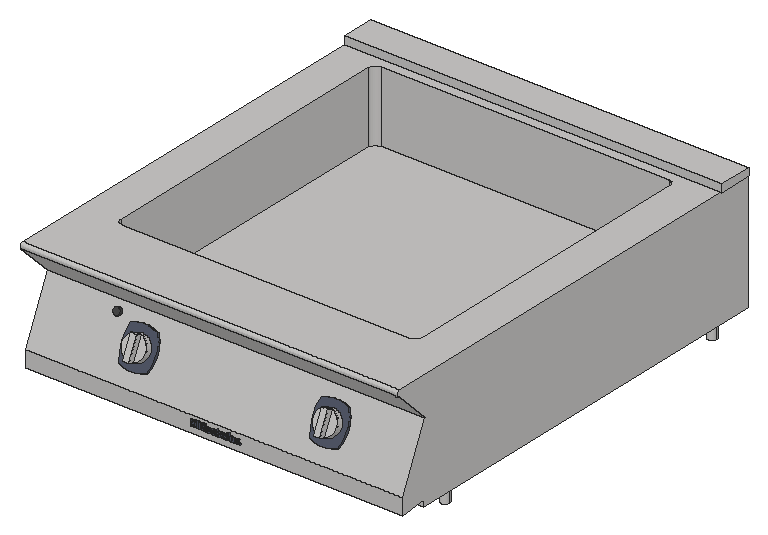
Revit family "QF_ELECTROLUXPROFESSIONAL_391125_E9BMEHB000", category Specialty Equipment, Revit 2018
Family settings
  Round Connector Dimension = Use Diameter
  Part Type = Normal
  Work Plane-Based = No
  Always vertical = Yes
  Cut with Voids When Loaded = No
  Shared = No
  Room Calculation Point = No
Parameters
  Width = 800 mm  # constant formula
  Weight in Pounds = 45  # constant formula
  Watts = 0 W
  Waste Water Discharge Temperature [instance] = -459.67 °F
  Volts = 400 V  # constant formula
  URL Cutsheet = "www.electrolux.com"
  URL = "www.electrolux.com"
  Type Mark [instance] = ""
  Status [instance] = ""
  Specification by User [instance] = ""
  Specification by Manufacturer = ""
  Show Logo [instance] = yes
  Show Clearance [instance] = yes
  Serial Number = ""
  Seismic Rating = ""
  SMACNA No = ""
  Revision Code [instance] = ""
  Plumbing Remarks [instance] = ""
  Plumbing Connection Type [instance] = ""
  Phase = 3
  Omniclass Number and Title = ""
  Number of Poles [instance] = 1
  NAFEM Spec ID Number = ""
  Model = "391125"
  Min Ckt Ampacity = 0 A
  Max Overcurrent Protection = 0 A
  Masterspec = ""
  Manufacturer = "ELECTROLUX"
  Item Number [instance] = ""
  Installed By [instance] = ""
  Indirect Waste Size = 50 mm  # 1.9685"
  Indirect Waste Flow [instance] = 0 GPM
  Indirect Waste Connection Type [instance] = ""
  Indirect Waste Connection Height [instance] = 0 mm
  Identify Quantity as Lot [instance] = yes
  Height = 250 mm  # constant formula
  HP = "5.9 HP"
  Furnished By [instance] = ""
  Foodservice Equipment Identifier [instance] = yes
  FL Amps = if(Phase = 3, Watts / (Volts * 1.73), Watts / Volts)  # 0 A
  Electrical Remarks [instance] = "400 V/2N ph/50/60 Hz"  # constant formula
  Electric Connection Type [instance] = ""
  Elec Conn RI Height [instance] = 0 mm
  Elec Conn Connection Height [instance] = 0 mm
  Direct Waste Size = 3/4"
  Description = "900XP ELECTRIC BAIN MARIE TOP, FULL MODULE - 400 V"
  Depth = 930 mm  # constant formula
  Cycle [instance] = if([60 Hertz Option], 60 Hz, 50 Hz)  # 60 Hz
  Conn Plug = ""
  Conn Conduit = yes
  CSI MasterFormat = ""
  CSI Master Format = ""
  Apparent Power = if(Phase = 3, Volts * FL Amps * 1.73, Volts * FL Amps)  # 0 VA
  60 Hertz Option [instance] = not([50 Hertz Option])  # yes
  50 Hertz Option [instance] = no
Reference planes
  plane 1 "BACK": y = 0
  plane 2: z = 0
  plane 3 "LEFT": x = 0
  plane 4 "RIGHT": x = 800
  plane 5 "FRONT": y = -930
  plane 6 "TOP": z = 274
  plane 7 "Center Y": x = 400
  plane 8 "Center X": y = -465
  plane 9: z = 24
  plane 10: x = 741
  plane 11: x = 11
  plane 12: x = 789
  plane 13: x = 675
  plane 14: z = 290
Forms (mm)
  Extrusion 1, solid, material "QF_Finishes_Stainless Steel"
    sketch origin (0, 0, 0) x (0, 1, 0) y (0, 0, 1)
      loop
        line (0, 274) -> (-922.686, 274)
        arc (-922.686, 274) -> (-929.443, 269.485) -> (-927.858, 261.514) r 7.314
        line (-927.858, 261.514) -> (-856.79, 190.447) -> (-915, 64.975) -> (-915, 30.708) -> (-859.774, 36.513) -> (-859.774, 24) -> (0, 24) -> (0, 274)
    from 0 to 800
  Extrusion 2, solid, material "QF_Finishes_Stainless Steel"
    sketch origin (0, 0, 0) x (1, 0, 0) y (0, 1, 0)
      loop
        circle (11, -82) r 9.525
      loop
        circle (11, -790) r 9.525
      loop
        circle (789, -82) r 9.525
      loop
        circle (789, -790) r 9.525
    from 0 to 24
  Extrusion 3, solid, material "QF_Finishes_Stainless Steel"
    sketch origin (0, 0, 274) x (0, -1, 0) y (1, 0, 0)
      loop
        line (69.85, 0) -> (69.85, 800) -> (0, 800) -> (0, 0) -> (69.85, 0)
    from 0 to 16
  Extrusion 4, void
    sketch origin (0, 0, 274) x (0, -1, 0) y (1, 0, 0)
      loop
        arc (92.539, 95) -> (96.932, 84.393) -> (107.539, 80) r 15
        line (107.539, 80) -> (762.539, 80)
        arc (762.539, 80) -> (773.145, 84.393) -> (777.539, 95) r 15
        line (777.539, 95) -> (777.539, 705)
        arc (777.539, 705) -> (773.145, 715.607) -> (762.539, 720) r 15
        line (762.539, 720) -> (107.539, 720)
        arc (107.539, 720) -> (96.932, 715.607) -> (92.539, 705) r 15
        line (92.539, 705) -> (92.539, 95)
    from 0 to -150
  Extrusion 5, solid, material "QF_Finishes_Stainless Steel"
    sketch origin (-7, -61.6, 24) x (-1, 0, 0) y (0, 1, 0)
      loop
        circle (-748, -523.4) r 9.525
    from 0 to 20
  Extrusion 6, solid, material "QF_Clearances", visible <- "Show Clearance", detail levels coarse
    sketch origin (0, 0, 0) x (1, 0, 0) y (0, 1, 0)
      loop
        line (0, 0) -> (800, 0) -> (800, -930) -> (950, -930) -> (950, 150) -> (-150, 150) -> (-150, -930) -> (0, -930) -> (0, 0)
    from 0 to 290
  Extrusion 7, solid, material "QF_Finishes_Stainless Steel"
    sketch origin (-47.353, -15.237, 24) x (-1, 0, 0) y (0, 1, 0)
      loop
        circle (-722.353, -122.763) r 25
    from 0 to 20
  Extrusion 8, solid, material "QF_Finishes_Black"
    sketch origin (55, -915, 64.975) x (0, 0.418102, 0.9084) y (-1, 0, 0)
      loop
        circle (117.556, -101.317) r 7.5
    from 0 to 4
  Extrusion 9, solid, material "QF_Finishes_Navy Blue"
    sketch origin (55.456, -912.449, 70.59) x (0, 0.419232, 0.907879) y (-1, 0, 0)
      loop
        arc (102.26, -132.62) -> (66.843, -125.139) -> (31.333, -132.16) r 90.355
        arc (31.333, -132.16) -> (24.504, -161.269) -> (31.333, -190.378) r 65.456
        arc (31.333, -190.378) -> (66.877, -199.452) -> (102.26, -189.765) r 71.728
        arc (102.26, -189.765) -> (108.852, -161.193) -> (102.26, -132.62) r 65.22
    from 0 to 3.175
  Extrusion 10, solid, material "QF_Finishes_Stainless Steel"
    sketch origin (55.456, -916.163, 70.121) x (0, 0.419232, 0.907879) y (-1, 0, 0)
      loop
        circle (68.826, -160.963) r 25.4
    from 0 to 12.7
  Extrusion 11, solid, material "QF_Finishes_Stainless Steel"
    sketch origin (55.456, -927.693, 75.445) x (0, 0.419232, 0.907879) y (-1, 0, 0)
      loop
        arc (93.558, -166.749) -> (94.226, -160.963) -> (93.558, -155.177) r 25.4
        line (93.558, -155.177) -> (44.094, -155.177)
        arc (44.094, -155.177) -> (43.426, -160.963) -> (44.094, -166.749) r 25.4
        line (44.094, -166.749) -> (93.558, -166.749)
    from 0 to 12.7
  Extrusion 12, solid, material "QF_Finishes_Navy Blue"
    sketch origin (460.456, -912.449, 70.59) x (0, 0.419232, 0.907879) y (-1, 0, 0)
      loop
        arc (102.26, -132.62) -> (66.843, -125.139) -> (31.333, -132.16) r 90.355
        arc (31.333, -132.16) -> (24.504, -161.269) -> (31.333, -190.378) r 65.456
        arc (31.333, -190.378) -> (66.877, -199.452) -> (102.26, -189.765) r 71.728
        arc (102.26, -189.765) -> (108.852, -161.193) -> (102.26, -132.62) r 65.22
    from 0 to 3.175
  Extrusion 13, solid, material "QF_Finishes_Stainless Steel"
    sketch origin (460.456, -916.163, 70.121) x (0, 0.419232, 0.907879) y (-1, 0, 0)
      loop
        circle (68.826, -160.963) r 25.4
    from 0 to 12.7
  Extrusion 14, solid, material "QF_Finishes_Stainless Steel"
    sketch origin (460.456, -927.693, 75.445) x (0, 0.419232, 0.907879) y (-1, 0, 0)
      loop
        arc (93.558, -166.749) -> (94.226, -160.963) -> (93.558, -155.177) r 25.4
        line (93.558, -155.177) -> (44.094, -155.177)
        arc (44.094, -155.177) -> (43.426, -160.963) -> (44.094, -166.749) r 25.4
        line (44.094, -166.749) -> (93.558, -166.749)
    from 0 to 12.7
  Extrusion 15, solid, material "QF_Finishes_Navy Blue", visible <- "Show Logo"
    sketch origin (62.895, -915, 37.253) x (0, 0, 1) y (-1, 0, 0)
      loop
        line (20.674, -296.698) -> (8.307, -296.698)
        arc (8.307, -296.698) -> (14.491, -301.27) -> (20.674, -296.698) r 6.467
      loop
        arc (20.674, -296.069) -> (19.505, -290.926) -> (14.849, -288.448) r 6.338
        line (14.849, -288.448) -> (14.849, -290.494)
        arc (14.849, -290.494) -> (16.333, -294.149) -> (19.778, -296.069) r 5.941
        line (19.778, -296.069) -> (20.674, -296.069)
      loop
        arc (9.203, -296.069) -> (12.648, -294.149) -> (14.132, -290.494) r 5.941
        line (14.132, -290.494) -> (14.132, -288.448)
        arc (14.132, -288.448) -> (9.438, -290.922) -> (8.148, -296.069) r 6.504
        line (8.148, -296.069) -> (9.203, -296.069)
      loop
        line (21.349, -287.979) -> (7.604, -287.979) -> (7.604, -301.742) -> (21.349, -301.742) -> (21.349, -287.979)
      loop
        arc (21.432, -304.71) -> (21.085, -304.352) -> (20.718, -304.69) r 0.358
        arc (20.718, -304.69) -> (20.404, -305.44) -> (19.687, -305.825) r 1.216
        line (19.687, -305.825) -> (9.274, -305.825)
        arc (9.274, -305.825) -> (8.614, -305.548) -> (8.218, -304.951) r 1.238
        arc (8.218, -304.951) -> (7.823, -304.7) -> (7.518, -305.054) r 0.358
        line (7.518, -305.054) -> (7.518, -314.933) -> (10.269, -314.933) -> (10.269, -314.036)
        arc (10.269, -314.036) -> (9.36, -313.456) -> (8.904, -312.479) r 1.928
        line (8.904, -312.479) -> (8.904, -309.98)
        arc (8.904, -309.98) -> (9.18, -309.251) -> (9.868, -308.887) r 1.101
        line (9.868, -308.887) -> (13.955, -308.887) -> (13.955, -312.561)
        arc (13.955, -312.561) -> (13.602, -313.058) -> (13.037, -313.286) r 1.083
        arc (13.037, -313.286) -> (12.773, -313.591) -> (13.065, -313.869) r 0.292
        line (13.065, -313.869) -> (16.028, -313.869)
        arc (16.028, -313.869) -> (16.33, -313.596) -> (16.092, -313.266) r 0.305
        arc (16.092, -313.266) -> (15.601, -313.018) -> (15.296, -312.561) r 1.083
        line (15.296, -312.561) -> (15.296, -308.887) -> (19.973, -308.887) -> (19.973, -312.635)
        arc (19.973, -312.635) -> (19.759, -313.39) -> (19.153, -313.888) r 1.314
        arc (19.153, -313.888) -> (18.934, -314.292) -> (19.288, -314.585) r 0.361
        line (19.288, -314.585) -> (21.432, -314.585) -> (21.432, -304.71)
      loop
        arc (20.715, -315.365) -> (20.335, -316.284) -> (19.416, -316.664) r 1.299
        line (19.416, -316.664) -> (9.837, -316.664)
        arc (9.837, -316.664) -> (8.999, -316.286) -> (8.728, -315.408) r 1.118
        line (8.728, -315.408) -> (7.518, -315.408) -> (7.518, -320.758) -> (8.706, -320.758)
        arc (8.706, -320.758) -> (8.978, -319.841) -> (9.848, -319.445) r 1.153
        line (9.848, -319.445) -> (21.92, -319.445) -> (20.715, -315.365)
      loop
        line (12.483, -323.394) -> (12.483, -329.842) -> (13.282, -329.842)
        arc (13.282, -329.842) -> (15.862, -328.857) -> (17.131, -326.404) r 3.874
        line (17.131, -326.404) -> (17.131, -324.643)
        arc (17.131, -324.643) -> (15.944, -321.778) -> (13.08, -320.592) r 4.051
        line (13.08, -320.592) -> (11.072, -320.592)
        arc (11.072, -320.592) -> (8.253, -322.077) -> (7.202, -325.084) r 4.352
        arc (7.202, -325.084) -> (7.566, -327.547) -> (8.943, -329.621) r 5.713
        line (8.943, -329.621) -> (9.892, -329.621)
        arc (9.892, -329.621) -> (9.16, -328.052) -> (8.943, -326.334) r 5.579
        arc (8.943, -326.334) -> (9.737, -324.371) -> (11.616, -323.394) r 3.057
        line (11.616, -323.394) -> (12.483, -323.394)
      loop
        line (13.742, -323.394) -> (13.742, -326.977)
        arc (13.742, -326.977) -> (15.199, -327.024) -> (16.082, -325.864) r 1.59
        line (16.082, -325.864) -> (16.082, -325.034)
        arc (16.082, -325.034) -> (15.217, -323.779) -> (13.742, -323.394) r 2.184
      loop
        arc (16.533, -339.259) -> (17.022, -337.585) -> (17.179, -335.848) r 9.023
        line (17.179, -335.848) -> (17.179, -334.486)
        arc (17.179, -334.486) -> (16.02, -331.686) -> (13.22, -330.527) r 3.959
        line (13.22, -330.527) -> (10.62, -330.527)
        arc (10.62, -330.527) -> (8.338, -331.819) -> (7.221, -334.192) r 4.331
        line (7.221, -334.192) -> (7.221, -336.327)
        arc (7.221, -336.327) -> (7.729, -337.877) -> (8.651, -339.223) r 5.772
        arc (8.651, -339.223) -> (9.412, -339.274) -> (9.499, -338.515) r 0.553
        arc (9.499, -338.515) -> (9.111, -337.781) -> (8.977, -336.962) r 2.573
        line (8.977, -336.962) -> (8.977, -335.447)
        arc (8.977, -335.447) -> (9.983, -333.806) -> (11.798, -333.163) r 2.884
        line (11.798, -333.163) -> (13.077, -333.163)
        arc (13.077, -333.163) -> (14.898, -333.723) -> (15.824, -335.388) r 2.554
        line (15.824, -335.388) -> (15.824, -336.441)
        arc (15.824, -336.441) -> (15.493, -337.369) -> (14.836, -338.104) r 2.564
        arc (14.836, -338.104) -> (14.614, -338.821) -> (15.223, -339.259) r 0.643
        line (15.223, -339.259) -> (16.533, -339.259)
      loop
        line (15.515, -339.53) -> (15.515, -341.031) -> (9.467, -341.031)
        arc (9.467, -341.031) -> (7.879, -341.688) -> (7.221, -343.276) r 2.246
        line (7.221, -343.276) -> (7.221, -344.86)
        arc (7.221, -344.86) -> (7.535, -345.725) -> (8.035, -346.496) r 4.06
        arc (8.035, -346.496) -> (8.768, -346.629) -> (9.019, -345.928) r 0.576
        arc (9.019, -345.928) -> (8.913, -345.403) -> (8.977, -344.87) r 1.69
        arc (8.977, -344.87) -> (9.519, -344.082) -> (10.425, -343.779) r 1.506
        line (10.425, -343.779) -> (15.563, -343.779) -> (15.563, -346.176) -> (16.119, -346.733) -> (16.941, -346.733) -> (16.941, -343.873) -> (20.172, -343.873) -> (15.515, -339.53)
      loop
        line (7.438, -347.63) -> (7.438, -353.017) -> (8.548, -353.017)
        arc (8.548, -353.017) -> (8.942, -352.066) -> (9.893, -351.672) r 1.345
        line (9.893, -351.672) -> (13.509, -351.672)
        arc (13.509, -351.672) -> (14.274, -352.264) -> (14.564, -353.186) r 1.615
        line (14.564, -353.186) -> (14.564, -354.742) -> (17.119, -355.427) -> (17.119, -354.044) -> (15.177, -351.485) -> (17.057, -351.485) -> (16.773, -348.779)
        arc (16.773, -348.779) -> (16.333, -348.249) -> (15.674, -348.45) r 0.621
        arc (15.674, -348.45) -> (15.274, -348.792) -> (14.78, -348.975) r 1.501
        line (14.78, -348.975) -> (9.893, -348.975)
        arc (9.893, -348.975) -> (8.942, -348.581) -> (8.548, -347.63) r 1.345
        line (8.548, -347.63) -> (7.438, -347.63)
      loop
        line (13.54, -354.964) -> (10.848, -354.964)
        arc (10.848, -354.964) -> (8.403, -356.272) -> (7.269, -358.803) r 4.288
        arc (7.269, -358.803) -> (7.205, -360.183) -> (7.269, -361.563) r 15.022
        arc (7.269, -361.563) -> (8.403, -364.094) -> (10.848, -365.401) r 4.288
        line (10.848, -365.401) -> (13.54, -365.401)
        arc (13.54, -365.401) -> (15.986, -364.094) -> (17.119, -361.563) r 4.288
        arc (17.119, -361.563) -> (17.183, -360.183) -> (17.119, -358.803) r 15.022
        arc (17.119, -358.803) -> (15.986, -356.272) -> (13.54, -354.964) r 4.288
      loop
        line (13.745, -358.078) -> (10.643, -358.078)
        arc (10.643, -358.078) -> (8.486, -360.235) -> (10.643, -362.392) r 2.157
        line (10.643, -362.392) -> (13.745, -362.392)
        arc (13.745, -362.392) -> (15.902, -360.235) -> (13.745, -358.078) r 2.157
      loop
        arc (20.726, -365.26) -> (20.355, -366.154) -> (19.461, -366.524) r 1.264
        line (19.461, -366.524) -> (9.597, -366.524)
        arc (9.597, -366.524) -> (8.727, -366.127) -> (8.455, -365.211) r 1.153
        line (8.455, -365.211) -> (7.518, -365.211) -> (7.518, -370.319) -> (8.446, -370.319)
        arc (8.446, -370.319) -> (8.805, -369.547) -> (9.597, -369.232) r 1.153
        line (9.597, -369.232) -> (21.92, -369.232) -> (20.726, -365.26)
      loop
        arc (15.846, -369.857) -> (15.647, -370.921) -> (14.678, -371.403) r 1.215
        line (14.678, -371.403) -> (9.658, -371.403)
        arc (9.658, -371.403) -> (8.043, -372.051) -> (7.322, -373.634) r 2.338
        line (7.322, -373.634) -> (7.322, -375.148)
        arc (7.322, -375.148) -> (7.497, -376.152) -> (7.999, -377.038) r 2.979
        line (7.999, -377.038) -> (7.518, -378.835) -> (7.518, -380.524) -> (16.943, -380.524) -> (16.649, -376.32) -> (15.863, -376.32)
        arc (15.863, -376.32) -> (15.507, -377.156) -> (14.755, -377.665) r 1.605
        line (14.755, -377.665) -> (9.652, -377.665)
        arc (9.652, -377.665) -> (9.232, -376.728) -> (9.159, -375.704) r 2.94
        arc (9.159, -375.704) -> (9.72, -374.603) -> (10.873, -374.16) r 1.724
        line (10.873, -374.16) -> (17.07, -374.16) -> (15.846, -369.857)
      loop
        line (16.874, -381.377) -> (15.202, -383.423) -> (12.028, -385.729) -> (8.572, -382.617)
        arc (8.572, -382.617) -> (8.335, -382.223) -> (8.357, -381.764) r 0.789
        line (8.357, -381.764) -> (7.518, -381.764) -> (7.518, -385.309) -> (8.344, -385.309)
        arc (8.344, -385.309) -> (8.686, -384.947) -> (9.176, -385.039) r 0.52
        line (9.176, -385.039) -> (10.976, -386.51) -> (8.858, -387.886)
        arc (8.858, -387.886) -> (8.457, -387.576) -> (8.37, -387.076) r 0.7
        line (8.37, -387.076) -> (7.518, -387.076) -> (7.518, -393.003) -> (8.405, -393.003)
        arc (8.405, -393.003) -> (8.472, -392.344) -> (8.866, -391.813) r 1.247
        line (8.866, -391.813) -> (13.066, -388.532) -> (15.513, -390.585) -> (16.874, -392.327) -> (16.874, -388.604) -> (15.389, -389.026) -> (13.868, -387.749) -> (15.568, -386.559) -> (16.874, -387.336) -> (16.874, -381.377)
    from 0 to 1.644
Cuts and joins
  Extrusion 4 cuts Extrusion 1
Lines and regions (mm)
  symbolic lines, style "QF_Clearances", visible <- "Show Clearance", detail levels coarse
    curve 1: line (950, -930, 0) -> (950, 150, 0)
    curve 2: line (950, 150, 0) -> (-150, 150, 0)
    curve 3: line (-150, 150, 0) -> (-150, -930, 0)
  symbolic lines
    curve 4: line (0, -930, 0) -> (800, -930, 0)
    curve 5: line (800, -930, 0) -> (800, 0, 0)
    curve 6: line (800, 0, 0) -> (0, 0, 0)
    curve 7: line (0, 0, 0) -> (0, -930, 0)
    curve 8: line (80, -107.539, 0) -> (80, -762.539, 0)
    curve 9: arc (80, -762.539, 0) -> (84.393, -773.145, 0) -> (95, -777.539, 0) r 15
    curve 10: line (95, -777.539, 0) -> (705, -777.539, 0)
    curve 11: arc (705, -777.539, 0) -> (715.607, -773.145, 0) -> (720, -762.539, 0) r 15
    curve 12: line (720, -762.539, 0) -> (720, -107.539, 0)
    curve 13: arc (720, -107.539, 0) -> (715.607, -96.932, 0) -> (705, -92.539, 0) r 15
    curve 14: line (705, -92.539, 0) -> (95, -92.539, 0)
    curve 15: arc (95, -92.539, 0) -> (84.393, -96.932, 0) -> (80, -107.539, 0) r 15
    curve 16: line (0, -69.85, 0) -> (800, -69.85, 0)
    curve 17: line (0, -915, 0) -> (800, -915, 0)
Dimensions and locks
  equal spacing: plane 3 "LEFT", plane 7 "Center Y", plane 4 "RIGHT"
  "Width": plane 3 "LEFT" to plane 4 "RIGHT"
  equal spacing: plane 5 "FRONT", plane 8 "Center X", plane 1 "BACK"
  "Depth": plane 5 "FRONT" to plane 1 "BACK"
  plane 9 to level = 24 mm  (x2)
  plane 10 to plane 4 "RIGHT" = 59 mm  (x3)
  plane 11 to plane 3 "LEFT" = 11 mm
  locked: plane 12 to plane 4 "RIGHT" at 11
  plane 1 "BACK" to plane 5 "FRONT" = 930 mm
  Extrusion 5 to plane 9 = 20 mm
  plane 1 "BACK" to Extrusion 5 = 585 mm
  plane 1 "BACK" to Extrusion 2 to Extrusion 2 to cut or joined group of Extrusion 1, Extrusion 4 = 82 mm, 708 mm, 125 mm
  plane 11 to plane 12 = 778 mm
  plane 1 "BACK" to curve 2 = 150 mm
  plane 4 "RIGHT" to curve 1 = 150 mm
  curve 3 to plane 3 "LEFT" = 150 mm
  plane 1 "BACK" to cut or joined group of Extrusion 1, Extrusion 4 = 915 mm
  Extrusion 7 sketch curve to plane 1 "BACK" = 138 mm
  Extrusion 7 sketch curve to plane 4 "RIGHT" = 125 mm
  Extrusion 5 sketch curve to plane 1 "BACK" = 585 mm
  Extrusion 5 sketch curve to plane 4 "RIGHT" = 59 mm
  Extrusion 5 to plane 1 "BACK" = 585 mm
  Extrusion 7 to plane 1 "BACK" = 138 mm
  plane 13 to plane 4 "RIGHT" = 125 mm
  "Height": plane 6 "TOP" to plane 9
  plane 6 "TOP" to plane 9 = 250 mm
  plane 1 "BACK" to Extrusion 7 = 138 mm
  plane 14 to level = 290 mm
  aligned and locked: level to plane 2
  aligned and locked: Extrusion 1 to plane 4 "RIGHT"
Automatic sketch dimensions
  plane 1 "BACK" to curve 6 = 0 mm
  curve 6 to plane 3 "LEFT" = 0 mm
  curve 4 to plane 4 "RIGHT" = 0 mm
  plane 5 "FRONT" to curve 4 = 0 mm
  plane 5 "FRONT" to curve 3 = 0 mm
  plane 5 "FRONT" to curve 1 = 0 mm
  plane 11 to curve 9 = 69 mm
  curve 8 to curve 15 = 15 mm
  curve 14 to plane 13 = 30 mm
  curve 10 to plane 13 = 30 mm
  curve 17 to plane 5 "FRONT" = 15 mm
  Extrusion 1 sketch curve to plane 6 "TOP" = 0 mm
  Extrusion 1 sketch curve to plane 9 = 0 mm
  Extrusion 1 sketch curve to plane 1 "BACK" = 0 mm
  Extrusion 1 sketch curve to plane 5 "FRONT" = 73.21 mm
  plane 9 to Extrusion 1 sketch curve = 12.513 mm
  Extrusion 1 sketch curve to plane 5 "FRONT" = 70.226 mm
  plane 9 to Extrusion 1 sketch curve = 6.708 mm
  Extrusion 1 sketch curve to plane 5 "FRONT" = 15 mm
  Extrusion 1 sketch curve to plane 5 "FRONT" = 7.314 mm
  Extrusion 1 sketch curve to plane 5 "FRONT" = 2.142 mm
  Extrusion 1 sketch curve to Extrusion 1 sketch curve = 34.267 mm
  Extrusion 1 sketch curve to plane 6 "TOP" = 83.553 mm
  Extrusion 1 sketch curve to plane 6 "TOP" = 12.486 mm
  Extrusion 2 sketch curve to plane 11 = 0 mm  (x2)
  Extrusion 2 sketch curve to plane 12 = 0 mm  (x2)
  Extrusion 3 sketch curve to Extrusion 1 = 0 mm  (x3)
  Extrusion 1 to Extrusion 3 sketch curve = 69.85 mm
  Extrusion 1 to Extrusion 4 sketch curve = 92.539 mm
  Extrusion 4 sketch curve to Extrusion 4 sketch curve = 15 mm  (x3)
  Extrusion 1 to Extrusion 4 sketch curve = 80 mm
  Extrusion 1 to Extrusion 4 sketch curve = 160.147 mm  (x2)
  Extrusion 1 to Extrusion 4 sketch curve = 95 mm
  plane 5 "FRONT" to Extrusion 6 sketch curve = 0 mm  (x2)
  Extrusion 6 sketch curve to plane 3 "LEFT" = 0 mm
  Extrusion 6 sketch curve to plane 4 "RIGHT" = 0 mm
  plane 1 "BACK" to Extrusion 6 sketch curve = 0 mm
  Extrusion 6 sketch curve to plane 3 "LEFT" = 150 mm
  Extrusion 6 sketch curve to plane 4 "RIGHT" = 150 mm
  Extrusion 6 sketch curve to plane 1 "BACK" = 150 mm
  plane 11 to Extrusion 8 sketch curve = 145.317 mm
  plane 11 to Extrusion 9 sketch curve = 176.616 mm
  Extrusion 9 sketch curve to Extrusion 9 sketch curve = 0 mm
  Extrusion 9 sketch curve to Extrusion 9 sketch curve = 12.3 mm  (x3)
  Extrusion 9 sketch curve to Extrusion 9 sketch curve = 34.925 mm  (x2)
  Extrusion 9 sketch curve to Extrusion 9 sketch curve = 23.703 mm
  Extrusion 9 sketch curve to Extrusion 9 sketch curve = 0.46 mm
  Extrusion 9 sketch curve to Extrusion 9 sketch curve = 29.032 mm
  Extrusion 9 sketch curve to Extrusion 9 sketch curve = 28.496 mm
  Extrusion 11 sketch curve to Extrusion 11 sketch curve = 24.732 mm
  Extrusion 11 sketch curve to Extrusion 11 sketch curve = 0 mm
  plane 13 to Extrusion 12 sketch curve = 82.384 mm
  Extrusion 12 sketch curve to Extrusion 12 sketch curve = 0 mm
  Extrusion 12 sketch curve to Extrusion 12 sketch curve = 12.3 mm  (x3)
  Extrusion 12 sketch curve to Extrusion 12 sketch curve = 34.925 mm  (x2)
  Extrusion 12 sketch curve to Extrusion 12 sketch curve = 23.703 mm
  Extrusion 12 sketch curve to Extrusion 12 sketch curve = 0.46 mm
  Extrusion 12 sketch curve to Extrusion 12 sketch curve = 29.032 mm
  Extrusion 12 sketch curve to Extrusion 12 sketch curve = 28.496 mm
  Extrusion 14 sketch curve to Extrusion 14 sketch curve = 24.732 mm
  Extrusion 14 sketch curve to Extrusion 14 sketch curve = 0 mm
  plane 9 to Extrusion 15 sketch curve = 15.413 mm
  plane 9 to Extrusion 15 sketch curve = 20.454 mm
  Extrusion 15 sketch curve to Extrusion 15 sketch curve = 5.06 mm
  Extrusion 15 sketch curve to Extrusion 15 sketch curve = 0 mm  (x28)
  Extrusion 15 sketch curve to Extrusion 15 sketch curve = 5.108 mm  (x2)
  Extrusion 15 sketch curve to Extrusion 15 sketch curve = 0.054 mm
  Extrusion 15 sketch curve to Extrusion 15 sketch curve = 0.218 mm
  Extrusion 15 sketch curve to Extrusion 15 sketch curve = 0.195 mm
  Extrusion 15 sketch curve to Extrusion 15 sketch curve = 0.249 mm
  Extrusion 15 sketch curve to Extrusion 15 sketch curve = 0.316 mm
  Extrusion 15 sketch curve to Extrusion 15 sketch curve = 0.087 mm
  Extrusion 15 sketch curve to Extrusion 15 sketch curve = 0.358 mm
  Extrusion 15 sketch curve to Extrusion 15 sketch curve = 0.481 mm
  Extrusion 15 sketch curve to Extrusion 15 sketch curve = 0.597 mm
  Extrusion 15 sketch curve to Extrusion 15 sketch curve = 0.544 mm
  Extrusion 15 sketch curve to Extrusion 15 sketch curve = 0.936 mm
  Extrusion 15 sketch curve to Extrusion 15 sketch curve = 0.594 mm
  Extrusion 15 sketch curve to Extrusion 15 sketch curve = 0.343 mm
  Extrusion 15 sketch curve to Extrusion 15 sketch curve = 0.159 mm
  Extrusion 15 sketch curve to Extrusion 15 sketch curve = 0.826 mm
  Extrusion 15 sketch curve to Extrusion 15 sketch curve = 0.839 mm
  Extrusion 15 sketch curve to Extrusion 15 sketch curve = 0.852 mm
  Extrusion 15 sketch curve to Extrusion 15 sketch curve = 0.887 mm
  Extrusion 15 sketch curve to Extrusion 15 sketch curve = 0.928 mm
  Extrusion 15 sketch curve to Extrusion 15 sketch curve = 0.938 mm
  Extrusion 15 sketch curve to Extrusion 15 sketch curve = 0.444 mm
  Extrusion 15 sketch curve to Extrusion 15 sketch curve = 1.11 mm  (x3)
  Extrusion 15 sketch curve to Extrusion 15 sketch curve = 0.215 mm
  Extrusion 15 sketch curve to Extrusion 15 sketch curve = 1.43 mm
  Extrusion 15 sketch curve to Extrusion 15 sketch curve = 1.188 mm
  Extrusion 15 sketch curve to Extrusion 15 sketch curve = 1.21 mm  (x2)
  Extrusion 15 sketch curve to Extrusion 15 sketch curve = 0.503 mm
  Extrusion 15 sketch curve to Extrusion 15 sketch curve = 0.488 mm
  Extrusion 15 sketch curve to Extrusion 15 sketch curve = 0.462 mm
  Extrusion 15 sketch curve to Extrusion 15 sketch curve = 1.386 mm
  Extrusion 15 sketch curve to Extrusion 15 sketch curve = 1.742 mm  (x2)
  Extrusion 15 sketch curve to Extrusion 15 sketch curve = 0.821 mm
  Extrusion 15 sketch curve to Extrusion 15 sketch curve = 0.497 mm
  Extrusion 15 sketch curve to Extrusion 15 sketch curve = 0.539 mm
  Extrusion 15 sketch curve to Extrusion 15 sketch curve = 0.686 mm
  Extrusion 15 sketch curve to Extrusion 15 sketch curve = 0.408 mm
  Extrusion 15 sketch curve to Extrusion 15 sketch curve = 0.528 mm
  Extrusion 15 sketch curve to Extrusion 15 sketch curve = 1.16 mm
  Extrusion 15 sketch curve to Extrusion 15 sketch curve = 0.329 mm
  Extrusion 15 sketch curve to Extrusion 15 sketch curve = 1.054 mm
  Extrusion 15 sketch curve to Extrusion 15 sketch curve = 1.056 mm
  Extrusion 15 sketch curve to Extrusion 15 sketch curve = 0.129 mm
  Extrusion 15 sketch curve to Extrusion 15 sketch curve = 0.489 mm
  Extrusion 15 sketch curve to Extrusion 15 sketch curve = 0.441 mm
  Extrusion 15 sketch curve to Extrusion 15 sketch curve = 1.151 mm
  Extrusion 15 sketch curve to Extrusion 15 sketch curve = 1.141 mm  (x2)
  Extrusion 15 sketch curve to Extrusion 15 sketch curve = 0.768 mm
  Extrusion 15 sketch curve to Extrusion 15 sketch curve = 1.653 mm
  Extrusion 15 sketch curve to Extrusion 15 sketch curve = 0.499 mm
  Extrusion 15 sketch curve to Extrusion 15 sketch curve = 0.964 mm
  Extrusion 15 sketch curve to Extrusion 15 sketch curve = 0.949 mm
  Extrusion 15 sketch curve to Extrusion 15 sketch curve = 1.345 mm  (x3)
  Extrusion 15 sketch curve to Extrusion 15 sketch curve = 1.101 mm
  Extrusion 15 sketch curve to Extrusion 15 sketch curve = 0.432 mm
  Extrusion 15 sketch curve to Extrusion 15 sketch curve = 1.142 mm
  Extrusion 15 sketch curve to Extrusion 15 sketch curve = 0.959 mm
  Extrusion 15 sketch curve to Extrusion 15 sketch curve = 0.176 mm
  Extrusion 15 sketch curve to Extrusion 15 sketch curve = 0.728 mm
  Extrusion 15 sketch curve to Extrusion 15 sketch curve = 3.375 mm  (x2)
  Extrusion 15 sketch curve to Extrusion 15 sketch curve = 0.541 mm
  Extrusion 15 sketch curve to Extrusion 15 sketch curve = 0.955 mm
  Extrusion 15 sketch curve to Extrusion 15 sketch curve = 1.251 mm
  Extrusion 15 sketch curve to Extrusion 15 sketch curve = 0.572 mm
  Extrusion 15 sketch curve to Extrusion 15 sketch curve = 1.92 mm
  Extrusion 15 sketch curve to Extrusion 15 sketch curve = 1.224 mm
  Extrusion 15 sketch curve to Extrusion 15 sketch curve = 0.745 mm
  Extrusion 15 sketch curve to Extrusion 15 sketch curve = 2.537 mm
  Extrusion 15 sketch curve to Extrusion 15 sketch curve = 0.896 mm  (x3)
  Extrusion 15 sketch curve to Extrusion 15 sketch curve = 0.036 mm
  Extrusion 15 sketch curve to Extrusion 15 sketch curve = 2.607 mm
  Extrusion 15 sketch curve to Extrusion 15 sketch curve = 0.066 mm
  Extrusion 15 sketch curve to Extrusion 15 sketch curve = 0.248 mm
  Extrusion 15 sketch curve to Extrusion 15 sketch curve = 0.449 mm
  Extrusion 15 sketch curve to Extrusion 15 sketch curve = 1.052 mm
  Extrusion 15 sketch curve to Extrusion 15 sketch curve = 1.863 mm
  Extrusion 15 sketch curve to Extrusion 15 sketch curve = 1.31 mm  (x2)
  Extrusion 15 sketch curve to Extrusion 15 sketch curve = 0.901 mm
  Extrusion 15 sketch curve to Extrusion 15 sketch curve = 1.107 mm
  Extrusion 15 sketch curve to Extrusion 15 sketch curve = 2.122 mm
  Extrusion 15 sketch curve to Extrusion 15 sketch curve = 2.101 mm
  Extrusion 15 sketch curve to Extrusion 15 sketch curve = 0.106 mm
  Extrusion 15 sketch curve to Extrusion 15 sketch curve = 0.029 mm
  Extrusion 15 sketch curve to Extrusion 15 sketch curve = 2.09 mm
  Extrusion 15 sketch curve to Extrusion 15 sketch curve = 1.279 mm
  Extrusion 15 sketch curve to Extrusion 15 sketch curve = 2.008 mm
  Extrusion 15 sketch curve to Extrusion 15 sketch curve = 0.738 mm
  Extrusion 15 sketch curve to Extrusion 15 sketch curve = 0.382 mm
  Extrusion 15 sketch curve to Extrusion 15 sketch curve = 0.384 mm
  Extrusion 15 sketch curve to Extrusion 15 sketch curve = 0.002 mm
  Extrusion 15 sketch curve to Extrusion 15 sketch curve = 0.561 mm
  Extrusion 15 sketch curve to Extrusion 15 sketch curve = 0.592 mm
  Extrusion 15 sketch curve to Extrusion 15 sketch curve = 2.692 mm
  Extrusion 15 sketch curve to Extrusion 15 sketch curve = 1.259 mm
  Extrusion 15 sketch curve to Extrusion 15 sketch curve = 0.802 mm
  Extrusion 15 sketch curve to Extrusion 15 sketch curve = 1.024 mm
  Extrusion 15 sketch curve to Extrusion 15 sketch curve = 0.682 mm
  Extrusion 15 sketch curve to Extrusion 15 sketch curve = 5.934 mm
  Extrusion 15 sketch curve to Extrusion 15 sketch curve = 2.186 mm
  Extrusion 15 sketch curve to Extrusion 15 sketch curve = 0.337 mm
  Extrusion 15 sketch curve to Extrusion 15 sketch curve = 0.021 mm
  Extrusion 15 sketch curve to Extrusion 15 sketch curve = 1.005 mm
  Extrusion 15 sketch curve to Extrusion 15 sketch curve = 0.552 mm
  Extrusion 15 sketch curve to Extrusion 15 sketch curve = 0.778 mm
  Extrusion 15 sketch curve to Extrusion 15 sketch curve = 0.063 mm
  Extrusion 15 sketch curve to Extrusion 15 sketch curve = 1.023 mm
  Extrusion 15 sketch curve to Extrusion 15 sketch curve = 3.804 mm
  Extrusion 15 sketch curve to Extrusion 15 sketch curve = 0.486 mm
  Extrusion 15 sketch curve to Extrusion 15 sketch curve = 0.266 mm
  Extrusion 15 sketch curve to Extrusion 15 sketch curve = 1.547 mm
  Extrusion 15 sketch curve to Extrusion 15 sketch curve = 0.717 mm  (x2)
  Extrusion 15 sketch curve to Extrusion 15 sketch curve = 1.667 mm
  Extrusion 15 sketch curve to Extrusion 15 sketch curve = 3.174 mm
  Extrusion 15 sketch curve to Extrusion 15 sketch curve = 0.388 mm
  Extrusion 15 sketch curve to Extrusion 15 sketch curve = 1.342 mm
  Extrusion 15 sketch curve to Extrusion 15 sketch curve = 1.521 mm
  Extrusion 15 sketch curve to Extrusion 15 sketch curve = 0.124 mm
  Extrusion 15 sketch curve to Extrusion 15 sketch curve = 0.291 mm
  Extrusion 15 sketch curve to Extrusion 15 sketch curve = 1.049 mm  (x2)
  Extrusion 15 sketch curve to Extrusion 15 sketch curve = 1.7 mm
  Extrusion 15 sketch curve to Extrusion 15 sketch curve = 0.894 mm
  Extrusion 15 sketch curve to Extrusion 15 sketch curve = 0.989 mm
  Extrusion 15 sketch curve to Extrusion 15 sketch curve = 1.168 mm
  Extrusion 15 sketch curve to Extrusion 15 sketch curve = 1.594 mm
  Extrusion 15 sketch curve to Extrusion 15 sketch curve = 0.731 mm
  Extrusion 15 sketch curve to Extrusion 15 sketch curve = 1.566 mm
  Extrusion 15 sketch curve to Extrusion 15 sketch curve = 0.064 mm
  Extrusion 15 sketch curve to Extrusion 15 sketch curve = 0.556 mm  (x2)
  Extrusion 15 sketch curve to Extrusion 15 sketch curve = 0.48 mm
  Extrusion 15 sketch curve to Extrusion 15 sketch curve = 0.228 mm
  Extrusion 15 sketch curve to Extrusion 15 sketch curve = 1.018 mm
  Extrusion 15 sketch curve to Extrusion 15 sketch curve = 0.787 mm
  Extrusion 15 sketch curve to Extrusion 15 sketch curve = 0.618 mm
  Extrusion 15 sketch curve to Extrusion 15 sketch curve = 1.672 mm
  Extrusion 15 sketch curve to Extrusion 15 sketch curve = 1.361 mm
  Extrusion 15 sketch curve to Extrusion 15 sketch curve = 0.822 mm
  Extrusion 15 sketch curve to Extrusion 15 sketch curve = 0.069 mm
  Extrusion 15 sketch curve to Extrusion 15 sketch curve = 1.88 mm
  Extrusion 15 sketch curve to Extrusion 15 sketch curve = 0.42 mm
  Extrusion 15 sketch curve to Extrusion 15 sketch curve = 0.062 mm
  Extrusion 15 sketch curve to Extrusion 15 sketch curve = 1.355 mm
  Extrusion 15 sketch curve to Extrusion 15 sketch curve = 2.34 mm
  Extrusion 15 sketch curve to Extrusion 15 sketch curve = 0.493 mm
  Extrusion 15 sketch curve to Extrusion 15 sketch curve = 0.136 mm
  Extrusion 15 sketch curve to Extrusion 15 sketch curve = 0.128 mm
  Extrusion 15 sketch curve to Extrusion 15 sketch curve = 3.616 mm
  Extrusion 15 sketch curve to Extrusion 15 sketch curve = 4.207 mm
  Extrusion 15 sketch curve to Extrusion 15 sketch curve = 0.183 mm
  Extrusion 15 sketch curve to Extrusion 15 sketch curve = 0.895 mm
  Extrusion 15 sketch curve to Extrusion 15 sketch curve = 1.314 mm
  Extrusion 15 sketch curve to Extrusion 15 sketch curve = 3.231 mm
  Extrusion 15 sketch curve to Extrusion 15 sketch curve = 1.299 mm
  Extrusion 15 sketch curve to Extrusion 15 sketch curve = 1.214 mm
  Extrusion 15 sketch curve to Extrusion 15 sketch curve = 1.264 mm
  Extrusion 15 sketch curve to Extrusion 15 sketch curve = 0.109 mm
  Extrusion 15 sketch curve to Extrusion 15 sketch curve = 0.357 mm
  Extrusion 15 sketch curve to Extrusion 15 sketch curve = 0.565 mm
  Extrusion 15 sketch curve to Extrusion 15 sketch curve = 2.504 mm
  Extrusion 15 sketch curve to Extrusion 15 sketch curve = 2.459 mm
  plane 7 "Center Y" to Extrusion 15 sketch curve = 55.898 mm
  Extrusion 15 sketch curve to Extrusion 15 sketch curve = 0.208 mm
  Extrusion 15 sketch curve to Extrusion 15 sketch curve = 0.468 mm  (x2)
  Extrusion 15 sketch curve to Extrusion 15 sketch curve = 1.559 mm
  Extrusion 15 sketch curve to Extrusion 15 sketch curve = 0.422 mm  (x2)
  Extrusion 15 sketch curve to Extrusion 15 sketch curve = 0.494 mm
  Extrusion 15 sketch curve to Extrusion 15 sketch curve = 3.927 mm
  Extrusion 15 sketch curve to Extrusion 15 sketch curve = 0.782 mm
  Extrusion 15 sketch curve to Extrusion 15 sketch curve = 1.268 mm
  Extrusion 15 sketch curve to Extrusion 15 sketch curve = 0.671 mm
  Extrusion 15 sketch curve to Extrusion 15 sketch curve = 0.777 mm
  Extrusion 15 sketch curve to Extrusion 15 sketch curve = 0.704 mm
  Extrusion 15 sketch curve to Extrusion 15 sketch curve = 0.781 mm  (x2)
  Extrusion 15 sketch curve to Extrusion 15 sketch curve = 1.634 mm
  Extrusion 15 sketch curve to Extrusion 15 sketch curve = 0.132 mm
  Extrusion 15 sketch curve to Extrusion 15 sketch curve = 3.136 mm
  Extrusion 15 sketch curve to Extrusion 15 sketch curve = 2.422 mm
  Extrusion 15 sketch curve to Extrusion 15 sketch curve = 0.586 mm
  Extrusion 15 sketch curve to Extrusion 15 sketch curve = 2.046 mm  (x2)
  Extrusion 15 sketch curve to Extrusion 15 sketch curve = 1.241 mm
  Extrusion 15 sketch curve to Extrusion 15 sketch curve = 1.689 mm
  Extrusion 15 sketch curve to Extrusion 15 sketch curve = 2.859 mm
  Extrusion 15 sketch curve to Extrusion 15 sketch curve = 0.627 mm
  Extrusion 15 sketch curve to Extrusion 15 sketch curve = 0.863 mm
  Extrusion 15 sketch curve to Extrusion 15 sketch curve = 0.419 mm
  Extrusion 15 sketch curve to Extrusion 15 sketch curve = 1.514 mm
  Extrusion 15 sketch curve to Extrusion 15 sketch curve = 1.019 mm
  Extrusion 15 sketch curve to Extrusion 15 sketch curve = 0.065 mm
  Extrusion 15 sketch curve to Extrusion 15 sketch curve = 1.215 mm
  Extrusion 15 sketch curve to Extrusion 15 sketch curve = 2.708 mm
  Extrusion 15 sketch curve to Extrusion 15 sketch curve = 1.122 mm
  Extrusion 15 sketch curve to Extrusion 15 sketch curve = 1.153 mm
  Extrusion 15 sketch curve to Extrusion 15 sketch curve = 3.009 mm
  Extrusion 15 sketch curve to Extrusion 15 sketch curve = 0.829 mm  (x2)
  Extrusion 15 sketch curve to Extrusion 15 sketch curve = 0.934 mm
  Extrusion 15 sketch curve to Extrusion 15 sketch curve = 3.376 mm
  Extrusion 15 sketch curve to Extrusion 15 sketch curve = 0.222 mm
  Extrusion 15 sketch curve to Extrusion 15 sketch curve = 1.383 mm
  Extrusion 15 sketch curve to Extrusion 15 sketch curve = 1.556 mm
  Extrusion 15 sketch curve to Extrusion 15 sketch curve = 2.559 mm
  Extrusion 15 sketch curve to Extrusion 15 sketch curve = 2.51 mm
  Extrusion 15 sketch curve to Extrusion 15 sketch curve = 0.131 mm
  Extrusion 15 sketch curve to Extrusion 15 sketch curve = 1.717 mm
  Extrusion 15 sketch curve to Extrusion 15 sketch curve = 1.134 mm
  Extrusion 15 sketch curve to Extrusion 15 sketch curve = 0.366 mm
  Extrusion 15 sketch curve to Extrusion 15 sketch curve = 0.094 mm
  Extrusion 15 sketch curve to Extrusion 15 sketch curve = 1.584 mm
  Extrusion 15 sketch curve to Extrusion 15 sketch curve = 1.501 mm
  Extrusion 15 sketch curve to Extrusion 15 sketch curve = 0.27 mm
  Extrusion 15 sketch curve to Extrusion 15 sketch curve = 1.808 mm
  Extrusion 15 sketch curve to Extrusion 15 sketch curve = 0.643 mm
  Extrusion 15 sketch curve to Extrusion 15 sketch curve = 0.916 mm
  Extrusion 15 sketch curve to Extrusion 15 sketch curve = 0.352 mm
  Extrusion 15 sketch curve to Extrusion 15 sketch curve = 0.458 mm
  Extrusion 15 sketch curve to Extrusion 15 sketch curve = 1.282 mm
  Extrusion 15 sketch curve to Extrusion 15 sketch curve = 1.363 mm
  Extrusion 15 sketch curve to Extrusion 15 sketch curve = 0.685 mm
  Extrusion 15 sketch curve to Extrusion 15 sketch curve = 0.905 mm
  Extrusion 15 sketch curve to Extrusion 15 sketch curve = 2.865 mm
  Extrusion 15 sketch curve to Extrusion 15 sketch curve = 0.472 mm
  Extrusion 15 sketch curve to Extrusion 15 sketch curve = 0.101 mm
  Extrusion 15 sketch curve to Extrusion 15 sketch curve = 0.54 mm
  Extrusion 15 sketch curve to Extrusion 15 sketch curve = 0.02 mm
  Extrusion 15 sketch curve to Extrusion 15 sketch curve = 0.582 mm
  Extrusion 15 sketch curve to Extrusion 15 sketch curve = 0.166 mm
  Extrusion 15 sketch curve to Extrusion 15 sketch curve = 0.16 mm
  Extrusion 15 sketch curve to Extrusion 15 sketch curve = 2.781 mm
  Extrusion 15 sketch curve to Extrusion 15 sketch curve = 1.118 mm
  Extrusion 15 sketch curve to Extrusion 15 sketch curve = 0.613 mm
  Extrusion 15 sketch curve to Extrusion 15 sketch curve = 0.361 mm
  Extrusion 15 sketch curve to Extrusion 15 sketch curve = 0.897 mm
  Extrusion 15 sketch curve to Extrusion 15 sketch curve = 0.167 mm
  Extrusion 15 sketch curve to Extrusion 15 sketch curve = 0.292 mm
  Extrusion 15 sketch curve to Extrusion 15 sketch curve = 0.305 mm
  Extrusion 15 sketch curve to Extrusion 15 sketch curve = 1.557 mm
  Extrusion 15 sketch curve to Extrusion 15 sketch curve = 2.499 mm
  Extrusion 15 sketch curve to Extrusion 15 sketch curve = 3.062 mm
  Extrusion 15 sketch curve to Extrusion 15 sketch curve = 2.968 mm
  Extrusion 15 sketch curve to Extrusion 15 sketch curve = 5.044 mm
  Extrusion 15 sketch curve to Extrusion 15 sketch curve = 0.629 mm  (x2)
  Extrusion 15 sketch curve to Extrusion 15 sketch curve = 1.131 mm
  Extrusion 15 sketch curve to Extrusion 15 sketch curve = 0.137 mm
  Extrusion 15 sketch curve to Extrusion 15 sketch curve = 0.027 mm
  Extrusion 15 sketch curve to Extrusion 15 sketch curve = 2.235 mm
  curve 8 to curve 9 = 15 mm
  curve 11 to curve 11 = 15 mm
  curve 9 to plane 5 "FRONT" = 152.461 mm
  plane 1 "BACK" to curve 8 = 107.539 mm
  curve 16 to curve 5 = 69.85 mm
  Extrusion 2 sketch curve to plane 5 "FRONT" = 140 mm  (x2)
  plane 1 "BACK" to Extrusion 2 sketch curve = 82 mm  (x2)
  radius of Extrusion 2 sketch curve = 9.525 mm  (x4)
  radius of Extrusion 5 sketch curve = 9.525 mm
  radius of Extrusion 7 sketch curve = 25 mm
  radius of Extrusion 8 sketch curve = 7.5 mm
  radius of Extrusion 10 sketch curve = 25.4 mm
  radius of Extrusion 11 sketch curve to Extrusion 10 = 0 mm  (x2)
  radius of Extrusion 13 sketch curve = 25.4 mm
  radius of Extrusion 14 sketch curve to Extrusion 13 = 0 mm  (x2)
Connectors
  piping at (675, -138, 4), diameter 50
    settings: on Extrusion 7, index 2, connector inside diameter 1.9685", connector length 0 mm, flow factor 0, pipe flow 0 GPM, pressure drop 0.00 psi, fitting loss kfactor 0, connector angle 0.00°, fixture units 0, engagement length 0 mm, angle of deflection 0.00°, flow configuration 1, flow direction 2, fitting loss method 0, system type 16, joint type 0, gender type 0, connector reference index -1, connector utility 0, adjustable connector no, is connector primary yes, connector description "DRAIN"
  electrical at (741, -585, 4)
    settings: on Extrusion 5, index 3, voltage 0 V, apparent load 0 VA, apparent load phase1 0 VA, apparent load phase2 0 VA, apparent load phase3 0 VA, power factor 1, load classification "Other", number of poles 1, system type 30, power factor state 1, is connector primary yes, connector utility no, sub classification motor no, connector description ""
